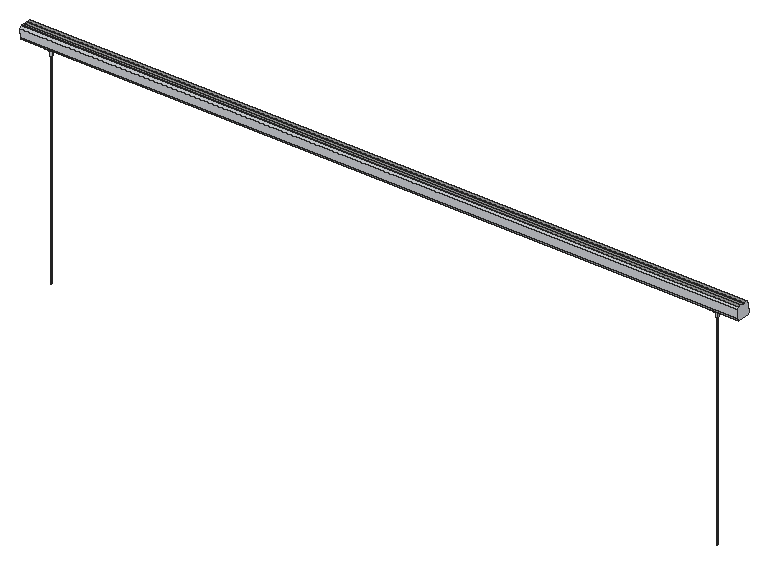
Revit family "0042544 Sylvania Lighting Fixture ISOLINE  3380MM 4K MD UGR  E3 8C", category Lighting Fixtures, host Face, Revit 2018
Family settings
  Host = Face
  Round Connector Dimension = Use Diameter
  Part Type = Normal
  OmniClass Number = 23.80.70.00
  OmniClass Title = Lighting
  Cut with Voids When Loaded = No
  Light Source = Yes
  Shared = No
  Room Calculation Point = No
Parameters (values of type "0042544 ISOLINE  3380MM 4K MD UGR  E3 8C")
  suspension height = 1000 mm
  spacer height = 5 mm
  spacer centres = 1000 mm
  height = 58.791 mm
  Width = 62 mm
  Weight = "n/a"
  Wattage Comments = ""
  Wattage = 9.2903 W
  WarrantyStartDate [instance] = "n/a"
  WarrantyGuarantorParts = "n/a"
  WarrantyDurationUnit = "n/a"
  WarrantyDurationParts = ""
  WarrantyDescription = "http://www.sylvania-lighting.com"
  built-in parameter 1150110 = 1 (stored number, unit not read)
  Voltage = 0 V
  URL = "0"
  TypeName = "ISOLINE  3380MM 4K MD UGR  E3 8C"
  Type Image = <None>
  Type Comments = "n/a"
  built-in parameter 1114217 = 1 (stored number, unit not read)
  Tilt Angle = 90.00°
  built-in parameter 1150109 = 1 (stored number, unit not read)
  built-in parameter 1150134 = 3
  built-in parameter 1150113 = 1 (stored number, unit not read)
  SerialNumber [instance] = "n/a"
  Photometric Web File = "0042544.ies"
  Material_3_FEILO = none
  PowerFactor = 0
  PowerConsumption = "Lighting"
  NominalLength = 62 mm
  NominalHeight = 0 mm
  NominalDepth = 0 mm
  Name = "ISOLINE  3380MM 4K MD UGR  E3 8C"
  ModelReference = Name  # "ISOLINE  3380MM 4K MD UGR  E3 8C"
  ModelNumber = "0042544"
  Model = Name  # "ISOLINE  3380MM 4K MD UGR  E3 8C"
  Material = "Feilo Sylvania"
  ManufacturerName = "150 lm/W"
  Manufacturer = ""
  LuminousEfficacy = ""
  built-in parameter 1150105 = 109.82 (stored number, unit not read)
  Lumens = 1380 lm
  LuminaireType = "0"
  built-in parameter 1150115 = 1 (stored number, unit not read)
  LightOutputRatio = "LED"
  built-in parameter 1150137 = (empty or 0)
  built-in parameter 1150139 = (empty or 0)
  Length = 3380 mm
  LampsType = Lamp  # "n/a"
  LampNominalLuminous = "4000 K"
  LampMacAdamStep = "80"
  LampColourTemperature = "LED"
  LampColourRenderingIndex = "16500"
  built-in parameter 1150112 = 1 (stored number, unit not read)
  built-in parameter 1150114 = 1 (stored number, unit not read)
  Lamp = "n/a"
  Keynote = "n/a"
  InstallationDate [instance] = "n/a"
  InputVoltage = "0"
  InputNominalFrequency = "4000"
  built-in parameter 1150132 = (empty or 0)
  built-in parameter 1150102 = (empty or 0)
  built-in parameter 1150107 = 3200 (stored number, unit not read)
  built-in parameter 1150138 = (empty or 0)
  IngressProtection = "IfcLightFixtureType"
  ImpactProtectionIndex = "IfcLightFixtureType"
  built-in parameter 1150106 = 1.0982 (stored number, unit not read)
  IfcExportType = "IfcLightFixtureType"
  IfcExportAs = "Class I"
  Height = 1000 mm
  ExpectedLife = 50000
  Emit from Circle Diameter = 609.6 mm
  Emit Shape Visible in Rendering = no
  ElectricShockClassification = "150"
  built-in parameter 1150104 = 13.8 (stored number, unit not read)
  DurationUnit = "hours"
  DocumentationLiterature = "http://www.sylvania-lighting.com/product/en-int/products/0042544"
  DimmingControlOptions = "n/a"
  Material_2_FEILO = none
  Dimming Lamp Color Temperature Shift = <None>
  Description = "Isoline LED linear luminaire with 3hr integrated emergency function for industrial and commercial applications. 3380 mm length with wide optics provide homogeneous light distribution for open areas. Aluminium housing, RAL 9016. Max + 35 °C operating temperature range, 4000 K, CRI 80, UGR <20, 3 SDMC. 117 W power consumption, 17600 lm luminous flux, 150 lm/W efficacy, 3380 mm x62 mm x 59 mm (L x W x H) dimensions, IP20, IK03, 220-240 V 50/60 Hz, Class I.Lifespan L70:B50 60,000 hours."
  Default Elevation = 1219.2 mm
  CreatedOn = "04/03/2021"
  CreatedBy = "@sylvania-lighting.com"
  Cost = 0
  Color Filter = 16777215
  built-in parameter 1114216 [instance] = (empty or 0)
  ClassificationValue = "EF_70_80"
  ClassificationName = "Uniclass2015"
  Material_1_FEILO = none
  BarCode [instance] = "n/a"
  built-in parameter 1114218 = 1 (stored number, unit not read)
  built-in parameter 1150133 = 10 (stored number, unit not read)
  AssetType = "Fixed"
  AssetIdentifier [instance] = "n/a"
  Assembly Code = "D5020200"
  Apparent Load = 117 VA
  Material_4_FEILO = none
Reference planes
  plane 1 "Center (Front/Back)": y = 0
  plane 2: z = 0
  plane 3 "Center (Left/Right)": x = 0
  plane 4: z = 0
  plane 5: z = 1000
  plane 6: y = 31
  plane 7: y = -31
  plane 8: x = -1690
  plane 9: x = 1690
  plane 10: x = -37.307
  plane 11: x = 55
  plane 12: z = 1058.791
  plane 13: z = 51
  plane 14: y = -27
  plane 15: y = 27
  plane 16: z = 12
  plane 17: y = -24.969
  plane 18: y = 25
  plane 19: y = 12
  plane 20: y = -12
  plane 21: z = 1.634
  plane 22: y = -8
  plane 23: y = 8
  plane 24: x = -1580
  plane 25: x = -1555
  plane 26: x = 1580
  plane 27: x = 1555
  plane 28: z = 995
  plane 29: y = 26.98
  plane 30: y = 16.98
  plane 31: y = -27.027
  plane 32: y = -17.004
  plane 33: z = 996.5
  plane 34: y = 26.002
  plane 35: y = -26.027
  plane 36: through (-1580, 7.965, 1219.2) normal (0.5391, 0.8423, 0)
  plane 37: through (-1555, 7.965, 1219.2) normal (0.5391, -0.8423, 0)
  plane 38: through (1555, 7.965, 1219.2) normal (0.5391, 0.8423, 0)
  plane 39: through (1580, 8, 1219.2) normal (0.5399, -0.8417, 0)
  plane 40: z = 1058.003
  plane 41: z = 1056.819
Forms (mm)
  Extrusion 1, solid, detail levels medium+fine
    sketch origin (-1690, -1523.717, -160.594) x (0, -1, -0.000261) y (0, 0.000261, -1)
      loop
        line (-1493, -1168.2) -> (-1497, -1160.2) -> (-1551, -1160.2) -> (-1555, -1168.2) -> (-1555, -1207.2) -> (-1549.109, -1218.982) -> (-1535.466, -1218.982) -> (-1532, -1217.566) -> (-1516, -1217.566) -> (-1512.511, -1218.991) -> (-1498.896, -1218.991) -> (-1493, -1207.2) -> (-1493, -1168.2)
    from 0 to 3380
  Extrusion 2, solid
    sketch origin (1555, 1524, 1219.189) x (0, 1, 0) y (0, 0, 1)
      loop
        line (-1497.021, -219.189) -> (-1498.02, -219.189) -> (-1507.02, -223.699) -> (-1541.004, -223.699) -> (-1550.017, -219.203) -> (-1551.02, -219.203) -> (-1541.004, -224.2) -> (-1507.02, -224.2) -> (-1497.021, -219.189)
    from 0 to 25
  Extrusion 3, solid
    sketch origin (-1580, 1524, 1219.189) x (0, 1, 0) y (0, 0, 1)
      loop
        line (-1497.021, -219.189) -> (-1498.02, -219.189) -> (-1507.02, -223.699) -> (-1541.004, -223.699) -> (-1550.017, -219.203) -> (-1551.02, -219.203) -> (-1541.004, -224.2) -> (-1507.02, -224.2) -> (-1497.021, -219.189)
    from 0 to 25
  Extrusion 4, solid
    sketch origin (4.2, 0, 0) x (1, 0, 0) y (0, 1, 0)
      loop
        circle (-1571.7, -0.035) r 5
    from 962.277 to 995
  Extrusion 5, solid
    sketch origin (3139.062, 0.065, 0) x (1, 0, 0) y (0, 1, 0)
      loop
        circle (-1571.7, -0.035) r 5
    from 962.277 to 995
  Extrusion 6, solid
    sketch origin (4.2, 0, 0) x (1, 0, 0) y (0, 1, 0)
      loop
        circle (-1571.7, -0.035) r 1.5
    from 0 to 962.277
  Extrusion 7, solid
    sketch origin (3139.076, 0.033, 0) x (1, 0, 0) y (0, 1, 0)
      loop
        circle (-1571.7, -0.035) r 1.5
    from 0 to 977.512
  Extrusion 8, solid, material "Glass, White, High Luminance", detail levels fine
    sketch origin (319, 1524, 1219.2) x (0, 1, 0) y (0, 0, 1)
      loop
        line (-1498.926, -160.099) -> (-1512.703, -160.099) -> (-1516.213, -161.534) -> (-1531.9, -161.534) -> (-1535.47, -160.114) -> (-1549.12, -160.114) -> (-1549.12, -161.197) -> (-1535.782, -161.197) -> (-1532.805, -162.381) -> (-1515.468, -162.381) -> (-1512.929, -161.197) -> (-1498.926, -161.197) -> (-1498.926, -160.099)
    from -2009 to 1371
  Extrusion 9, solid, detail levels coarse
    sketch origin (319, 1524, 1219.2) x (0, 1, 0) y (0, 0, 1)
      loop
        line (-1493, -160.052) -> (-1555, -160.052) -> (-1555, -1219.2) -> (-1493, -1219.2) -> (-1493, -160.052)
    from -2009 to 1371
Dimensions and locks
  "Width": plane 6 to plane 7
  equal spacing: plane 6, plane 1 "Center (Front/Back)", plane 7
  "Length": plane 8 to plane 9
  equal spacing: plane 8, plane 3 "Center (Left/Right)", plane 9
  "height": plane 12 to plane 5
  "suspension height": plane 5 to level
  aligned and locked: host face to plane 2
  aligned and locked: host face to level
Automatic sketch dimensions
  host sketch curve to host sketch curve = 3582.803 mm
  host sketch curve to host sketch curve = 2438.4 mm
  Extrusion 1 sketch curve to plane 29 = 0 mm
  Extrusion 1 sketch curve to plane 6 = 0.033 mm
  Extrusion 1 sketch curve to plane 12 = 11.778 mm
  Extrusion 1 sketch curve to Extrusion 1 sketch curve = 4 mm  (x2)
  Extrusion 1 sketch curve to Extrusion 1 sketch curve = 5.891 mm
  Extrusion 1 sketch curve to Extrusion 1 sketch curve = 13.643 mm
  Extrusion 1 sketch curve to Extrusion 1 sketch curve = 3.466 mm
  Extrusion 1 sketch curve to Extrusion 1 sketch curve = 16 mm
  Extrusion 1 sketch curve to Extrusion 1 sketch curve = 3.489 mm
  Extrusion 1 sketch curve to Extrusion 1 sketch curve = 13.615 mm
  Extrusion 1 sketch curve to Extrusion 1 sketch curve = 54 mm
  Extrusion 1 sketch curve to Extrusion 1 sketch curve = 47 mm
  Extrusion 1 sketch curve to Extrusion 1 sketch curve = 10.366 mm
  Extrusion 1 sketch curve to Extrusion 1 sketch curve = 1.425 mm
  Extrusion 1 sketch curve to Extrusion 1 sketch curve = 11.782 mm
  Extrusion 1 sketch curve to Extrusion 1 sketch curve = 8 mm  (x2)
  Extrusion 2 sketch curve to plane 32 = 0 mm  (x2)
  Extrusion 2 sketch curve to plane 30 = 0 mm  (x2)
  Extrusion 2 sketch curve to plane 5 = 0 mm
  Extrusion 2 sketch curve to plane 35 = 0.01 mm
  Extrusion 2 sketch curve to plane 31 = 0.007 mm
  plane 34 to Extrusion 2 sketch curve = 0.022 mm
  plane 29 to Extrusion 2 sketch curve = 0.001 mm
  Extrusion 2 sketch curve to plane 5 = 0.014 mm
  plane 28 to Extrusion 2 sketch curve = 0.489 mm
  Extrusion 2 sketch curve to plane 28 = 0.011 mm
  Extrusion 3 sketch curve to plane 32 = 0 mm  (x2)
  Extrusion 3 sketch curve to plane 30 = 0 mm  (x2)
  Extrusion 3 sketch curve to plane 5 = 0 mm
  Extrusion 3 sketch curve to plane 35 = 0.01 mm
  Extrusion 3 sketch curve to plane 31 = 0.007 mm
  plane 34 to Extrusion 3 sketch curve = 0.022 mm
  plane 29 to Extrusion 3 sketch curve = 0.001 mm
  Extrusion 3 sketch curve to plane 5 = 0.014 mm
  plane 28 to Extrusion 3 sketch curve = 0.489 mm
  Extrusion 3 sketch curve to plane 28 = 0.011 mm
  Extrusion 4 sketch curve to plane 36 = 0 mm
  plane 37 to Extrusion 4 sketch curve = 0 mm
  Extrusion 5 sketch curve to plane 1 "Center (Front/Back)" = 0.029 mm
  plane 27 to Extrusion 5 sketch curve = 12.362 mm
  Extrusion 6 sketch curve to plane 36 = 0 mm
  plane 37 to Extrusion 6 sketch curve = 0 mm
  plane 1 "Center (Front/Back)" to Extrusion 7 sketch curve = 0.002 mm
  plane 27 to Extrusion 7 sketch curve = 12.376 mm
  Extrusion 8 sketch curve to plane 40 = 0 mm  (x2)
  Extrusion 8 sketch curve to plane 41 = 0 mm
  plane 17 to Extrusion 8 sketch curve = 0.151 mm
  Extrusion 8 sketch curve to plane 20 = 0.218 mm
  plane 12 to Extrusion 8 sketch curve = 0.295 mm
  Extrusion 8 sketch curve to plane 20 = 0.53 mm
  plane 22 to Extrusion 8 sketch curve = 0.805 mm
  Extrusion 8 sketch curve to plane 22 = 0.1 mm
  plane 23 to Extrusion 8 sketch curve = 0.213 mm
  Extrusion 8 sketch curve to plane 23 = 0.532 mm
  plane 19 to Extrusion 8 sketch curve = 0.929 mm
  Extrusion 8 sketch curve to plane 18 = 0.074 mm
  plane 41 to Extrusion 8 sketch curve = 0.848 mm
  plane 19 to Extrusion 8 sketch curve = 0.703 mm
  plane 12 to Extrusion 8 sketch curve = 0.31 mm
  Extrusion 9 sketch curve to plane 7 = 0 mm
  Extrusion 9 sketch curve to plane 6 = 0 mm
  Extrusion 9 sketch curve to plane 33 = 996.5 mm
  plane 12 to Extrusion 9 sketch curve = 0.357 mm
  radius of Extrusion 4 sketch curve = 5 mm
  radius of Extrusion 5 sketch curve = 5 mm
  radius of Extrusion 6 sketch curve = 1.5 mm
  radius of Extrusion 7 sketch curve = 1.5 mm
Connectors
  electrical at (0, -0.02, 1000.004)
    settings: on Extrusion 1, index 1, voltage 0 V, apparent load 0 VA, apparent load phase1 0 VA, apparent load phase2 0 VA, apparent load phase3 0 VA, power factor 1, load classification "Other", number of poles 1, system type 31, power factor state 1, is connector primary yes, connector utility no, sub classification motor no, connector description ""
